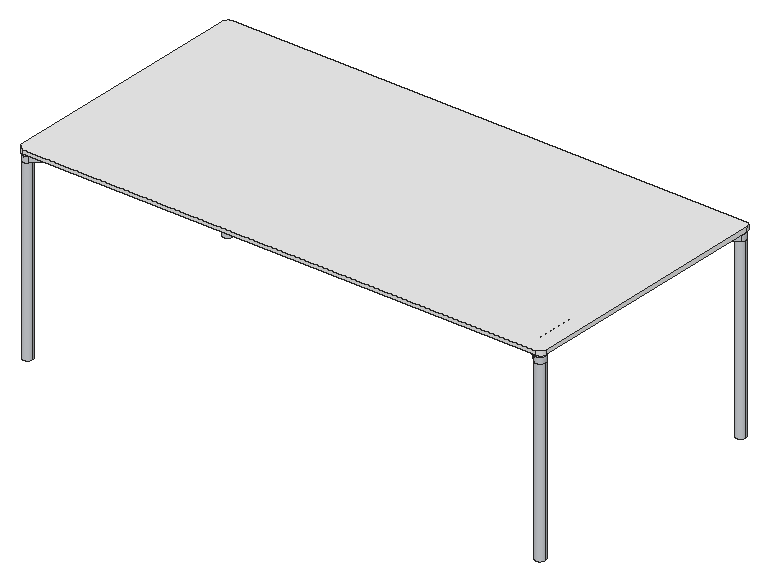
Revit family "FH  Plano Table", category Furniture, Revit 2015
Parameters (values of type "200x100")
  Width = 1000 mm
  Top = White
  Model = "P936"
  Manufacturer = "Fritz Hansen"
  Legs = none
  Length = 2000 mm
  Frame = none
Types (5, lengths in mm): name | Width | Model | Length
  200x100 | 1000 | "P936" | 2000
  160x80 | 800 | "P934" | 1600
  140x80 | 800 | "P933" | 1400
  120x80 | 800 | "P932" | 1200
  80x80 | 800 | "P930" | 800
Reference planes
  plane 1 "Center (Front/Back)": y = 0
  plane 2: z = 0
  plane 3 "Center (Left/Right)": x = 0
  plane 4: x = -977.5
  plane 5: x = -1000
  plane 6: x = 977.5
  plane 7: x = 1000
  plane 8: y = 477.5
  plane 9: y = 500
  plane 10: y = -477.5
  plane 11: y = -500
  plane 12 "Frame": z = 675
  plane 13 "Top": z = 720
  plane 14: z = 705
  plane 15: z = 695
  plane 16: x = -935
  plane 17: x = -895
  plane 18: x = 935
  plane 19: x = 895
  plane 20: y = 435
  plane 21: y = 395
  plane 22: y = -435
  plane 23: y = -395
Forms (mm)
  Extrusion 1, solid, material <- "Frame"
    sketch origin (0, 0, 675) x (-1, 0, 0) y (0, -1, 0)
      loop
        line (935, -435) -> (935, 435) -> (-935, 435) -> (-935, -435) -> (935, -435)
      loop
        line (895, -395) -> (895, 395) -> (-895, 395) -> (-895, -395) -> (895, -395)
    from 0 to 40
  Extrusion 2, solid, material "White" <- "Top"
    sketch origin (0, 0, 720) x (-1, 0, 0) y (0, -1, 0)
      loop
        arc (977.5, -500) -> (993.41, -493.41) -> (1000, -477.5) r 22.5
        line (1000, -477.5) -> (1000, 477.5)
        arc (1000, 477.5) -> (993.41, 493.41) -> (977.5, 500) r 22.5
        line (977.5, 500) -> (-977.5, 500)
        arc (-977.5, 500) -> (-993.41, 493.41) -> (-1000, 477.5) r 22.5
        line (-1000, 477.5) -> (-1000, -477.5)
        arc (-1000, -477.5) -> (-993.41, -493.41) -> (-977.5, -500) r 22.5
        line (-977.5, -500) -> (977.5, -500)
    from 0 to -15
Dimensions and locks
  equal spacing: plane 5, plane 3 "Center (Left/Right)", plane 7
  plane 5 to plane 4 to plane 16 to plane 17 = 22.5 mm locked, 42.5 mm locked, 40 mm locked
  plane 13 "Top" to plane 14 = 15 mm
  plane 15 to plane 12 "Frame" = 20 mm
  plane 13 "Top" to plane 12 "Frame" = 45 mm
  plane 19 to plane 18 to plane 6 to plane 7 = 40 mm locked, 42.5 mm locked, 22.5 mm locked
  "Length": plane 5 to plane 7
  "Width": plane 11 to plane 9
  plane 21 to plane 20 to plane 8 to plane 9 = 40 mm locked, 42.5 mm locked, 22.5 mm locked
  plane 23 to plane 22 to plane 10 to plane 11 = 40 mm locked, 42.5 mm locked, 22.5 mm locked
  equal spacing: plane 11, plane 1 "Center (Front/Back)", plane 9
  plane 13 "Top" to level = 720 mm
  aligned and locked: level to plane 2
  aligned and locked: plane 20 to Extrusion 1 sketch curve
  aligned and locked: plane 16 to Extrusion 1 sketch curve
  aligned and locked: plane 22 to Extrusion 1 sketch curve
  aligned and locked: plane 18 to Extrusion 1 sketch curve
  aligned and locked: plane 21 to Extrusion 1 sketch curve
  aligned and locked: plane 17 to Extrusion 1 sketch curve
  aligned and locked: plane 23 to Extrusion 1 sketch curve
  aligned and locked: plane 19 to Extrusion 1 sketch curve
  aligned and locked: plane 9 to Extrusion 2 sketch curve
  aligned and locked: plane 5 to Extrusion 2 sketch curve
  aligned and locked: plane 11 to Extrusion 2 sketch curve
  aligned and locked: plane 7 to Extrusion 2 sketch curve
  aligned and locked: plane 8 to nested 1
  aligned and locked: plane 4 to nested 1
  aligned and locked: nested 2 to plane 6
  aligned and locked: nested 2 to plane 8
  aligned and locked: nested 3 to plane 4
  aligned and locked: nested 3 to plane 10
  aligned and locked: plane 10 to nested 4
  aligned and locked: plane 6 to nested 4
Automatic sketch dimensions
  plane 7 to Extrusion 2 sketch curve = 22.5 mm  (x2)
  plane 5 to Extrusion 2 sketch curve = 22.5 mm
  Extrusion 2 sketch curve to plane 4 = 0 mm
Nested families
  nested 1: "Family7" at (-977.5, 477.5, 0), type "Family7"
  nested 2: "Family7" at (977.5, 477.5, 0) x (-1, 0, 0) z (0, 0, 1), type "Family7"
  nested 3: "Family7" at (-977.5, -477.5, 0), type "Family7"
  nested 4: "Family7" at (977.5, -477.5, 0) x (-1, 0, 0) z (0, 0, 1), type "Family7"
Definition of nested family "Family7"
  Parameters
    Legs = none
    Frame = none
  Reference planes
    plane 1 "Center (Front/Back)": y = 0
    plane 2: z = 0
    plane 3 "Center (Left/Right)": x = 0
  Forms (mm)
    Extrusion 1, solid, material <- "Legs"
      sketch origin (377.5, -377.5, 0) x (1, 0, 0) y (0, 1, 0)
        loop
          circle (-377.5, 377.5) r 19
      from 0 to 675
    Extrusion 2, solid, material <- "Frame"
      sketch origin (377.5, -377.5, 675) x (-1, 0, 0) y (0, -1, 0)
        loop
          arc (364.065, -390.935) -> (390.935, -390.935) -> (390.935, -364.065) r 19
          line (390.935, -364.065) -> (334.366, -307.496) -> (307.496, -334.366) -> (364.065, -390.935)
      from 0 to 20
  Dimensions and locks
    aligned and locked: level to plane 2
